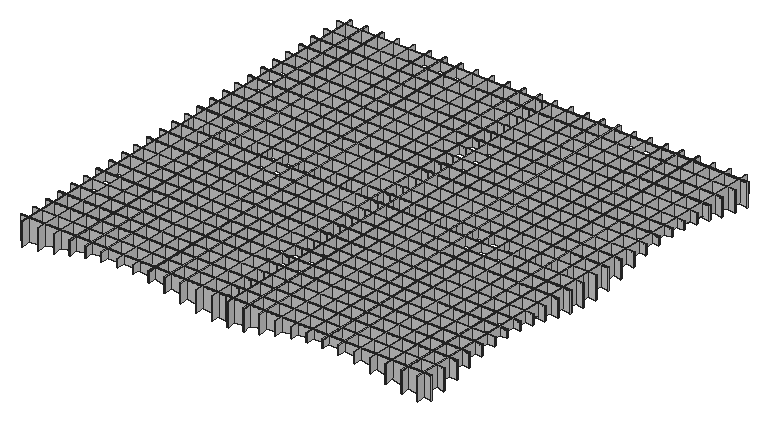
Revit family "CLD-WFL-002_RFA", category Modelos genéricos, Revit 2022 (continued)
Forms (in)
  Extrusion 244, solid
    sketch origin (0, 186.57267, 0) x (1, 0, 0) y (0, 0, 1)
      loop
        spline (0, 4.58891) -> (0.32561, 4.62796) -> (0.65129, 4.66617) -> (0.97702, 4.70353) -> (1.3028, 4.74004) -> (1.62862, 4.77569) -> (1.95447, 4.81048) -> (2.28035, 4.84439) -> (2.60624, 4.87743) -> (2.93213, 4.90957) -> (3.25803, 4.94083) -> (3.58391, 4.97119) -> (3.90978, 5.00064)
        spline (3.90978, 5.00064) -> (4.64427, 5.06081) -> (5.37851, 5.11675) -> (6.11244, 5.16838) -> (6.84597, 5.21566) -> (7.57904, 5.25851) -> (8.31157, 5.29688) -> (9.04348, 5.33072) -> (9.7747, 5.35995) -> (10.50516, 5.38452) -> (11.23478, 5.40437) -> (11.96349, 5.41944) -> (12.69122, 5.42966)
        spline (12.69122, 5.42966) -> (13.34952, 5.43128) -> (14.00673, 5.42829) -> (14.66285, 5.42076) -> (15.31792, 5.40886) -> (15.97202, 5.39278) -> (16.62518, 5.37269) -> (17.27747, 5.34877) -> (17.92894, 5.32119) -> (18.57965, 5.29014) -> (19.22966, 5.2558) -> (19.87902, 5.21833) -> (20.52778, 5.17793)
        spline (20.52778, 5.17793) -> (21.26115, 5.12722) -> (21.99402, 5.0737) -> (22.72645, 5.01759) -> (23.45851, 4.95908) -> (24.19025, 4.89838) -> (24.92176, 4.8357) -> (25.65308, 4.77124) -> (26.38429, 4.70521) -> (27.11544, 4.63782) -> (27.84661, 4.56926) -> (28.57785, 4.49975) -> (29.30922, 4.42949)
        spline (29.30922, 4.42949) -> (29.95995, 4.366) -> (30.61094, 4.30234) -> (31.26223, 4.2387) -> (31.91387, 4.17525) -> (32.56591, 4.11218) -> (33.21841, 4.04966) -> (33.87141, 3.98789) -> (34.52497, 3.92703) -> (35.17914, 3.86728) -> (35.83396, 3.80881) -> (36.48949, 3.75181) -> (37.14578, 3.69645)
        spline (37.14578, 3.69645) -> (37.87194, 3.63892) -> (38.59907, 3.58371) -> (39.32723, 3.53102) -> (40.05647, 3.48105) -> (40.78684, 3.43397) -> (41.51831, 3.38979) -> (42.25083, 3.34845) -> (42.98434, 3.30989) -> (43.7188, 3.27405) -> (44.45413, 3.24086) -> (45.19029, 3.21027) -> (45.92722, 3.18221)
        spline (45.92722, 3.18221) -> (46.57816, 3.16116) -> (47.22964, 3.14217) -> (47.88162, 3.12519) -> (48.53404, 3.11017) -> (49.18687, 3.09705) -> (49.84004, 3.08579) -> (50.49352, 3.07632) -> (51.14725, 3.06859) -> (51.80119, 3.06255) -> (52.45529, 3.05816) -> (53.1095, 3.05535) -> (53.76378, 3.05407)
        spline (53.76378, 3.05407) -> (54.49695, 3.0556) -> (55.23004, 3.05885) -> (55.96301, 3.06387) -> (56.6958, 3.07073) -> (57.42836, 3.07948) -> (58.16062, 3.09019) -> (58.89255, 3.10292) -> (59.62409, 3.11771) -> (60.35517, 3.13464) -> (61.08576, 3.15376) -> (61.81579, 3.17514) -> (62.54522, 3.19882)
        spline (62.54522, 3.19882) -> (63.20286, 3.22386) -> (63.85981, 3.25117) -> (64.51602, 3.28078) -> (65.17144, 3.31277) -> (65.82603, 3.34719) -> (66.47973, 3.38408) -> (67.1325, 3.42351) -> (67.78428, 3.46553) -> (68.43505, 3.51013) -> (69.08486, 3.55715) -> (69.73376, 3.60642) -> (70.38178, 3.65777)
        spline (70.38178, 3.65777) -> (71.1172, 3.71948) -> (71.85176, 3.78304) -> (72.58554, 3.84824) -> (73.31858, 3.91488) -> (74.05094, 3.98275) -> (74.78268, 4.05166) -> (75.51385, 4.12139) -> (76.24452, 4.19176) -> (76.97473, 4.26254) -> (77.70455, 4.33354) -> (78.43403, 4.40456) -> (79.16322, 4.47539)
        spline (79.16322, 4.47539) -> (79.80403, 4.53723) -> (80.44473, 4.59841) -> (81.08536, 4.65876) -> (81.72599, 4.7181) -> (82.36666, 4.77623) -> (83.00743, 4.83299) -> (83.64836, 4.88819) -> (84.28951, 4.94166) -> (84.93093, 4.9932) -> (85.57267, 5.04265) -> (86.21481, 5.08982) -> (86.85738, 5.13453)
        spline (86.85738, 5.13453) -> (87.59614, 5.18092) -> (88.33559, 5.22395) -> (89.07577, 5.26344) -> (89.81676, 5.29917) -> (90.55862, 5.33094) -> (91.30141, 5.35856) -> (92.04519, 5.38181) -> (92.79004, 5.4005) -> (93.53601, 5.41442) -> (94.28316, 5.42338) -> (95.03157, 5.42716) -> (95.78122, 5.4257)
        spline (95.78122, 5.4257) -> (96.43065, 5.41648) -> (97.08095, 5.40294) -> (97.73207, 5.38513) -> (98.38393, 5.36311) -> (99.03648, 5.33693) -> (99.68963, 5.30665) -> (100.34334, 5.27231) -> (100.99753, 5.23398) -> (101.65213, 5.19169) -> (102.30709, 5.14552) -> (102.96233, 5.09551) -> (103.61778, 5.04172)
        spline (103.61778, 5.04172) -> (103.98301, 5.00943) -> (104.34827, 4.97613) -> (104.71354, 4.94182) -> (105.07881, 4.90651) -> (105.44407, 4.8702) -> (105.80932, 4.83291) -> (106.17455, 4.79465) -> (106.53974, 4.75541) -> (106.90489, 4.71521) -> (107.26999, 4.67406) -> (107.63503, 4.63196) -> (108, 4.58891)
        line (108, 4.58891) -> (108, 11.82144)
    from -0.11811 to 0
  Extrusion 245, solid
    sketch origin (0, 186.69078, 0) x (1, 0, 0) y (0, 0, 1)
      loop
        line (108, 11.82144) -> (0, 11.82144) -> (0, 4.58891)
        spline (0, 4.58891) -> (0.32561, 4.62796) -> (0.65129, 4.66617) -> (0.97702, 4.70353) -> (1.3028, 4.74004) -> (1.62862, 4.77569) -> (1.95447, 4.81048) -> (2.28035, 4.84439) -> (2.60624, 4.87743) -> (2.93213, 4.90957) -> (3.25803, 4.94083) -> (3.58391, 4.97119) -> (3.90978, 5.00064)
        spline (3.90978, 5.00064) -> (4.64427, 5.06081) -> (5.37851, 5.11675) -> (6.11244, 5.16838) -> (6.84597, 5.21566) -> (7.57904, 5.25851) -> (8.31157, 5.29688) -> (9.04348, 5.33072) -> (9.7747, 5.35995) -> (10.50516, 5.38452) -> (11.23478, 5.40437) -> (11.96349, 5.41944) -> (12.69122, 5.42966)
        spline (12.69122, 5.42966) -> (13.34952, 5.43128) -> (14.00673, 5.42829) -> (14.66285, 5.42076) -> (15.31792, 5.40886) -> (15.97202, 5.39278) -> (16.62518, 5.37269) -> (17.27747, 5.34877) -> (17.92894, 5.32119) -> (18.57965, 5.29014) -> (19.22966, 5.2558) -> (19.87902, 5.21833) -> (20.52778, 5.17793)
        spline (20.52778, 5.17793) -> (21.26115, 5.12722) -> (21.99402, 5.0737) -> (22.72645, 5.01759) -> (23.45851, 4.95908) -> (24.19025, 4.89838) -> (24.92176, 4.8357) -> (25.65308, 4.77124) -> (26.38429, 4.70521) -> (27.11544, 4.63782) -> (27.84661, 4.56926) -> (28.57785, 4.49975) -> (29.30922, 4.42949)
        spline (29.30922, 4.42949) -> (29.95995, 4.366) -> (30.61094, 4.30234) -> (31.26223, 4.2387) -> (31.91387, 4.17525) -> (32.56591, 4.11218) -> (33.21841, 4.04966) -> (33.87141, 3.98789) -> (34.52497, 3.92703) -> (35.17914, 3.86728) -> (35.83396, 3.80881) -> (36.48949, 3.75181) -> (37.14578, 3.69645)
        spline (37.14578, 3.69645) -> (37.87194, 3.63892) -> (38.59907, 3.58371) -> (39.32723, 3.53102) -> (40.05647, 3.48105) -> (40.78684, 3.43397) -> (41.51831, 3.38979) -> (42.25083, 3.34845) -> (42.98434, 3.30989) -> (43.7188, 3.27405) -> (44.45413, 3.24086) -> (45.19029, 3.21027) -> (45.92722, 3.18221)
        spline (45.92722, 3.18221) -> (46.57816, 3.16116) -> (47.22964, 3.14217) -> (47.88162, 3.12519) -> (48.53404, 3.11017) -> (49.18687, 3.09705) -> (49.84004, 3.08579) -> (50.49352, 3.07632) -> (51.14725, 3.06859) -> (51.80119, 3.06255) -> (52.45529, 3.05816) -> (53.1095, 3.05535) -> (53.76378, 3.05407)
        spline (53.76378, 3.05407) -> (54.49695, 3.0556) -> (55.23004, 3.05885) -> (55.96301, 3.06387) -> (56.6958, 3.07073) -> (57.42836, 3.07948) -> (58.16062, 3.09019) -> (58.89255, 3.10292) -> (59.62409, 3.11771) -> (60.35517, 3.13464) -> (61.08576, 3.15376) -> (61.81579, 3.17514) -> (62.54522, 3.19882)
        spline (62.54522, 3.19882) -> (63.20286, 3.22386) -> (63.85981, 3.25117) -> (64.51602, 3.28078) -> (65.17144, 3.31277) -> (65.82603, 3.34719) -> (66.47973, 3.38408) -> (67.1325, 3.42351) -> (67.78428, 3.46553) -> (68.43505, 3.51013) -> (69.08486, 3.55715) -> (69.73376, 3.60642) -> (70.38178, 3.65777)
        spline (70.38178, 3.65777) -> (71.1172, 3.71948) -> (71.85176, 3.78304) -> (72.58554, 3.84824) -> (73.31858, 3.91488) -> (74.05094, 3.98275) -> (74.78268, 4.05166) -> (75.51385, 4.12139) -> (76.24452, 4.19176) -> (76.97473, 4.26254) -> (77.70455, 4.33354) -> (78.43403, 4.40456) -> (79.16322, 4.47539)
        spline (79.16322, 4.47539) -> (79.80403, 4.53723) -> (80.44473, 4.59841) -> (81.08536, 4.65876) -> (81.72599, 4.7181) -> (82.36666, 4.77623) -> (83.00743, 4.83299) -> (83.64836, 4.88819) -> (84.28951, 4.94166) -> (84.93093, 4.9932) -> (85.57267, 5.04265) -> (86.21481, 5.08982) -> (86.85738, 5.13453)
        spline (86.85738, 5.13453) -> (87.59614, 5.18092) -> (88.33559, 5.22395) -> (89.07577, 5.26344) -> (89.81676, 5.29917) -> (90.55862, 5.33094) -> (91.30141, 5.35856) -> (92.04519, 5.38181) -> (92.79004, 5.4005) -> (93.53601, 5.41442) -> (94.28316, 5.42338) -> (95.03157, 5.42716) -> (95.78122, 5.4257)
        spline (95.78122, 5.4257) -> (96.43065, 5.41648) -> (97.08095, 5.40294) -> (97.73207, 5.38513) -> (98.38393, 5.36311) -> (99.03648, 5.33693) -> (99.68963, 5.30665) -> (100.34334, 5.27231) -> (100.99753, 5.23398) -> (101.65213, 5.19169) -> (102.30709, 5.14552) -> (102.96233, 5.09551) -> (103.61778, 5.04172)
        spline (103.61778, 5.04172) -> (103.98301, 5.00943) -> (104.34827, 4.97613) -> (104.71354, 4.94182) -> (105.07881, 4.90651) -> (105.44407, 4.8702) -> (105.80932, 4.83291) -> (106.17455, 4.79465) -> (106.53974, 4.75541) -> (106.90489, 4.71521) -> (107.26999, 4.67406) -> (107.63503, 4.63196) -> (108, 4.58891)
        line (108, 4.58891) -> (108, 11.82144)
    from -0.47244 to 0
  Extrusion 246, solid
    sketch origin (0, 187.16322, 0) x (1, 0, 0) y (0, 0, 1)
      loop
        line (108, 11.82144) -> (0, 11.82144) -> (0, 4.58891)
        spline (0, 4.58891) -> (0.32561, 4.62796) -> (0.65129, 4.66617) -> (0.97702, 4.70353) -> (1.3028, 4.74004) -> (1.62862, 4.77569) -> (1.95447, 4.81048) -> (2.28035, 4.84439) -> (2.60624, 4.87743) -> (2.93213, 4.90957) -> (3.25803, 4.94083) -> (3.58391, 4.97119) -> (3.90978, 5.00064)
        spline (3.90978, 5.00064) -> (4.64427, 5.06081) -> (5.37851, 5.11675) -> (6.11244, 5.16838) -> (6.84597, 5.21566) -> (7.57904, 5.25851) -> (8.31157, 5.29688) -> (9.04348, 5.33072) -> (9.7747, 5.35995) -> (10.50516, 5.38452) -> (11.23478, 5.40437) -> (11.96349, 5.41944) -> (12.69122, 5.42966)
        spline (12.69122, 5.42966) -> (13.34952, 5.43128) -> (14.00673, 5.42829) -> (14.66285, 5.42076) -> (15.31792, 5.40886) -> (15.97202, 5.39278) -> (16.62518, 5.37269) -> (17.27747, 5.34877) -> (17.92894, 5.32119) -> (18.57965, 5.29014) -> (19.22966, 5.2558) -> (19.87902, 5.21833) -> (20.52778, 5.17793)
        spline (20.52778, 5.17793) -> (21.26115, 5.12722) -> (21.99402, 5.0737) -> (22.72645, 5.01759) -> (23.45851, 4.95908) -> (24.19025, 4.89838) -> (24.92176, 4.8357) -> (25.65308, 4.77124) -> (26.38429, 4.70521) -> (27.11544, 4.63782) -> (27.84661, 4.56926) -> (28.57785, 4.49975) -> (29.30922, 4.42949)
        spline (29.30922, 4.42949) -> (29.95995, 4.366) -> (30.61094, 4.30234) -> (31.26223, 4.2387) -> (31.91387, 4.17525) -> (32.56591, 4.11218) -> (33.21841, 4.04966) -> (33.87141, 3.98789) -> (34.52497, 3.92703) -> (35.17914, 3.86728) -> (35.83396, 3.80881) -> (36.48949, 3.75181) -> (37.14578, 3.69645)
        spline (37.14578, 3.69645) -> (37.87194, 3.63892) -> (38.59907, 3.58371) -> (39.32723, 3.53102) -> (40.05647, 3.48105) -> (40.78684, 3.43397) -> (41.51831, 3.38979) -> (42.25083, 3.34845) -> (42.98434, 3.30989) -> (43.7188, 3.27405) -> (44.45413, 3.24086) -> (45.19029, 3.21027) -> (45.92722, 3.18221)
        spline (45.92722, 3.18221) -> (46.57816, 3.16116) -> (47.22964, 3.14217) -> (47.88162, 3.12519) -> (48.53404, 3.11017) -> (49.18687, 3.09705) -> (49.84004, 3.08579) -> (50.49352, 3.07632) -> (51.14725, 3.06859) -> (51.80119, 3.06255) -> (52.45529, 3.05816) -> (53.1095, 3.05535) -> (53.76378, 3.05407)
        spline (53.76378, 3.05407) -> (54.49695, 3.0556) -> (55.23004, 3.05885) -> (55.96301, 3.06387) -> (56.6958, 3.07073) -> (57.42836, 3.07948) -> (58.16062, 3.09019) -> (58.89255, 3.10292) -> (59.62409, 3.11771) -> (60.35517, 3.13464) -> (61.08576, 3.15376) -> (61.81579, 3.17514) -> (62.54522, 3.19882)
        spline (62.54522, 3.19882) -> (63.20286, 3.22386) -> (63.85981, 3.25117) -> (64.51602, 3.28078) -> (65.17144, 3.31277) -> (65.82603, 3.34719) -> (66.47973, 3.38408) -> (67.1325, 3.42351) -> (67.78428, 3.46553) -> (68.43505, 3.51013) -> (69.08486, 3.55715) -> (69.73376, 3.60642) -> (70.38178, 3.65777)
        spline (70.38178, 3.65777) -> (71.1172, 3.71948) -> (71.85176, 3.78304) -> (72.58554, 3.84824) -> (73.31858, 3.91488) -> (74.05094, 3.98275) -> (74.78268, 4.05166) -> (75.51385, 4.12139) -> (76.24452, 4.19176) -> (76.97473, 4.26254) -> (77.70455, 4.33354) -> (78.43403, 4.40456) -> (79.16322, 4.47539)
        spline (79.16322, 4.47539) -> (79.80403, 4.53723) -> (80.44473, 4.59841) -> (81.08536, 4.65876) -> (81.72599, 4.7181) -> (82.36666, 4.77623) -> (83.00743, 4.83299) -> (83.64836, 4.88819) -> (84.28951, 4.94166) -> (84.93093, 4.9932) -> (85.57267, 5.04265) -> (86.21481, 5.08982) -> (86.85738, 5.13453)
        spline (86.85738, 5.13453) -> (87.59614, 5.18092) -> (88.33559, 5.22395) -> (89.07577, 5.26344) -> (89.81676, 5.29917) -> (90.55862, 5.33094) -> (91.30141, 5.35856) -> (92.04519, 5.38181) -> (92.79004, 5.4005) -> (93.53601, 5.41442) -> (94.28316, 5.42338) -> (95.03157, 5.42716) -> (95.78122, 5.4257)
        spline (95.78122, 5.4257) -> (96.43065, 5.41648) -> (97.08095, 5.40294) -> (97.73207, 5.38513) -> (98.38393, 5.36311) -> (99.03648, 5.33693) -> (99.68963, 5.30665) -> (100.34334, 5.27231) -> (100.99753, 5.23398) -> (101.65213, 5.19169) -> (102.30709, 5.14552) -> (102.96233, 5.09551) -> (103.61778, 5.04172)
        spline (103.61778, 5.04172) -> (103.98301, 5.00943) -> (104.34827, 4.97613) -> (104.71354, 4.94182) -> (105.07881, 4.90651) -> (105.44407, 4.8702) -> (105.80932, 4.83291) -> (106.17455, 4.79465) -> (106.53974, 4.75541) -> (106.90489, 4.71521) -> (107.26999, 4.67406) -> (107.63503, 4.63196) -> (108, 4.58891)
        line (108, 4.58891) -> (108, 11.82144)
    from -0.11811 to 0
  Extrusion 247, solid
    sketch origin (0, 194.88167, 0) x (1, 0, 0) y (0, 0, 1)
      loop
        line (108, 11.82144) -> (0, 11.82144) -> (0, 2.55729)
        spline (0, 2.55729) -> (0.32561, 2.61504) -> (0.65129, 2.67215) -> (0.97702, 2.72862) -> (1.3028, 2.78445) -> (1.62862, 2.83963) -> (1.95447, 2.89415) -> (2.28035, 2.94802) -> (2.60624, 3.00123) -> (2.93213, 3.05379) -> (3.25803, 3.10567) -> (3.58391, 3.15689) -> (3.90978, 3.20744)
        spline (3.90978, 3.20744) -> (4.64427, 3.31686) -> (5.37851, 3.42317) -> (6.11243, 3.52634) -> (6.84596, 3.62635) -> (7.57903, 3.72316) -> (8.31156, 3.81675) -> (9.04347, 3.90709) -> (9.77469, 3.99415) -> (10.50515, 4.07789) -> (11.23478, 4.1583) -> (11.96349, 4.23534) -> (12.69122, 4.30898)
        spline (12.69122, 4.30898) -> (13.34952, 4.37039) -> (14.00673, 4.4286) -> (14.66285, 4.48364) -> (15.31792, 4.53559) -> (15.97202, 4.58455) -> (16.62518, 4.63059) -> (17.27747, 4.67381) -> (17.92894, 4.71429) -> (18.57965, 4.75212) -> (19.22966, 4.78738) -> (19.87902, 4.82016) -> (20.52778, 4.85054)
        spline (20.52778, 4.85054) -> (21.26115, 4.88062) -> (21.99402, 4.90823) -> (22.72646, 4.93347) -> (23.45851, 4.95644) -> (24.19026, 4.97724) -> (24.92176, 4.99598) -> (25.65309, 5.01275) -> (26.38429, 5.02764) -> (27.11545, 5.04077) -> (27.84661, 5.05223) -> (28.57785, 5.06211) -> (29.30922, 5.07053)
        spline (29.30922, 5.07053) -> (29.95995, 5.07584) -> (30.61094, 5.08009) -> (31.26223, 5.08336) -> (31.91387, 5.08574) -> (32.56591, 5.08733) -> (33.21841, 5.0882) -> (33.87141, 5.08846) -> (34.52497, 5.08817) -> (35.17914, 5.08744) -> (35.83396, 5.08636) -> (36.48949, 5.085) -> (37.14578, 5.08346)
        spline (37.14578, 5.08346) -> (37.87194, 5.08165) -> (38.59907, 5.0799) -> (39.32723, 5.0783) -> (40.05647, 5.07696) -> (40.78684, 5.07594) -> (41.51831, 5.07527) -> (42.25083, 5.07491) -> (42.98434, 5.07483) -> (43.7188, 5.075) -> (44.45413, 5.07538) -> (45.19029, 5.07596) -> (45.92722, 5.0767)
        spline (45.92722, 5.0767) -> (46.57816, 5.07753) -> (47.22964, 5.07843) -> (47.88162, 5.07937) -> (48.53404, 5.08033) -> (49.18687, 5.08128) -> (49.84004, 5.0822) -> (50.49352, 5.08306) -> (51.14725, 5.08383) -> (51.80119, 5.0845) -> (52.45529, 5.08503) -> (53.1095, 5.0854) -> (53.76378, 5.08558)
        spline (53.76378, 5.08558) -> (54.49695, 5.08542) -> (55.23004, 5.08505) -> (55.96301, 5.0845) -> (56.6958, 5.0838) -> (57.42835, 5.08298) -> (58.16062, 5.08206) -> (58.89255, 5.08107) -> (59.62408, 5.08005) -> (60.35517, 5.07902) -> (61.08576, 5.07801) -> (61.81579, 5.07705) -> (62.54522, 5.07616)
        spline (62.54522, 5.07616) -> (63.20286, 5.07551) -> (63.85981, 5.075) -> (64.51602, 5.07466) -> (65.17144, 5.07452) -> (65.82603, 5.0746) -> (66.47973, 5.07493) -> (67.1325, 5.07554) -> (67.78428, 5.07645) -> (68.43505, 5.07766) -> (69.08486, 5.07909) -> (69.73376, 5.08066) -> (70.38178, 5.08229)
        spline (70.38178, 5.08229) -> (71.1172, 5.08386) -> (71.85177, 5.08523) -> (72.58555, 5.08629) -> (73.31859, 5.08695) -> (74.05095, 5.08712) -> (74.78269, 5.08668) -> (75.51386, 5.08555) -> (76.24453, 5.08362) -> (76.97474, 5.08079) -> (77.70455, 5.07697) -> (78.43403, 5.07206) -> (79.16322, 5.06596)
        spline (79.16322, 5.06596) -> (79.81589, 5.05858) -> (80.46845, 5.04989) -> (81.12094, 5.0398) -> (81.77342, 5.02821) -> (82.42595, 5.01505) -> (83.07858, 5.00022) -> (83.73137, 4.98363) -> (84.38439, 4.9652) -> (85.03768, 4.94483) -> (85.6913, 4.92244) -> (86.34531, 4.89793) -> (86.99978, 4.87123)
        spline (86.99978, 4.87123) -> (87.72677, 4.83707) -> (88.45442, 4.80022) -> (89.18281, 4.7606) -> (89.91198, 4.7181) -> (90.642, 4.67263) -> (91.37294, 4.62408) -> (92.10486, 4.57237) -> (92.83781, 4.5174) -> (93.57187, 4.45907) -> (94.3071, 4.39728) -> (95.04355, 4.33194) -> (95.78122, 4.26301)
        spline (95.78122, 4.26301) -> (96.43065, 4.19725) -> (97.08095, 4.12847) -> (97.73207, 4.05667) -> (98.38393, 3.9819) -> (99.03648, 3.90417) -> (99.68963, 3.82352) -> (100.34334, 3.73996) -> (100.99753, 3.65352) -> (101.65213, 3.56424) -> (102.30709, 3.47213) -> (102.96233, 3.37722) -> (103.61778, 3.27954)
        spline (103.61778, 3.27954) -> (103.98302, 3.22342) -> (104.34828, 3.16655) -> (104.71355, 3.10893) -> (105.07882, 3.05057) -> (105.44409, 2.99146) -> (105.80934, 2.93162) -> (106.17456, 2.87105) -> (106.53976, 2.80974) -> (106.9049, 2.74771) -> (107.27, 2.68496) -> (107.63504, 2.62148) -> (108, 2.55729)
        line (108, 2.55729) -> (108, 11.82144)
    from -0.11811 to 0
  Extrusion 248, solid
    sketch origin (0, 194.99978, 0) x (1, 0, 0) y (0, 0, 1)
      loop
        line (108, 11.82144) -> (0, 11.82144) -> (0, 2.55729)
        spline (0, 2.55729) -> (0.32561, 2.61504) -> (0.65129, 2.67215) -> (0.97702, 2.72862) -> (1.3028, 2.78445) -> (1.62862, 2.83963) -> (1.95447, 2.89415) -> (2.28035, 2.94802) -> (2.60624, 3.00123) -> (2.93213, 3.05379) -> (3.25803, 3.10567) -> (3.58391, 3.15689) -> (3.90978, 3.20744)
        spline (3.90978, 3.20744) -> (4.64427, 3.31686) -> (5.37851, 3.42317) -> (6.11243, 3.52634) -> (6.84596, 3.62635) -> (7.57903, 3.72316) -> (8.31156, 3.81675) -> (9.04347, 3.90709) -> (9.77469, 3.99415) -> (10.50515, 4.07789) -> (11.23478, 4.1583) -> (11.96349, 4.23534) -> (12.69122, 4.30898)
        spline (12.69122, 4.30898) -> (13.34952, 4.37039) -> (14.00673, 4.4286) -> (14.66285, 4.48364) -> (15.31792, 4.53559) -> (15.97202, 4.58455) -> (16.62518, 4.63059) -> (17.27747, 4.67381) -> (17.92894, 4.71429) -> (18.57965, 4.75212) -> (19.22966, 4.78738) -> (19.87902, 4.82016) -> (20.52778, 4.85054)
        spline (20.52778, 4.85054) -> (21.26115, 4.88062) -> (21.99402, 4.90823) -> (22.72646, 4.93347) -> (23.45851, 4.95644) -> (24.19026, 4.97724) -> (24.92176, 4.99598) -> (25.65309, 5.01275) -> (26.38429, 5.02764) -> (27.11545, 5.04077) -> (27.84661, 5.05223) -> (28.57785, 5.06211) -> (29.30922, 5.07053)
        spline (29.30922, 5.07053) -> (29.95995, 5.07584) -> (30.61094, 5.08009) -> (31.26223, 5.08336) -> (31.91387, 5.08574) -> (32.56591, 5.08733) -> (33.21841, 5.0882) -> (33.87141, 5.08846) -> (34.52497, 5.08817) -> (35.17914, 5.08744) -> (35.83396, 5.08636) -> (36.48949, 5.085) -> (37.14578, 5.08346)
        spline (37.14578, 5.08346) -> (37.87194, 5.08165) -> (38.59907, 5.0799) -> (39.32723, 5.0783) -> (40.05647, 5.07696) -> (40.78684, 5.07594) -> (41.51831, 5.07527) -> (42.25083, 5.07491) -> (42.98434, 5.07483) -> (43.7188, 5.075) -> (44.45413, 5.07538) -> (45.19029, 5.07596) -> (45.92722, 5.0767)
        spline (45.92722, 5.0767) -> (46.57816, 5.07753) -> (47.22964, 5.07843) -> (47.88162, 5.07937) -> (48.53404, 5.08033) -> (49.18687, 5.08128) -> (49.84004, 5.0822) -> (50.49352, 5.08306) -> (51.14725, 5.08383) -> (51.80119, 5.0845) -> (52.45529, 5.08503) -> (53.1095, 5.0854) -> (53.76378, 5.08558)
        spline (53.76378, 5.08558) -> (54.49695, 5.08542) -> (55.23004, 5.08505) -> (55.96301, 5.0845) -> (56.6958, 5.0838) -> (57.42835, 5.08298) -> (58.16062, 5.08206) -> (58.89255, 5.08107) -> (59.62408, 5.08005) -> (60.35517, 5.07902) -> (61.08576, 5.07801) -> (61.81579, 5.07705) -> (62.54522, 5.07616)
        spline (62.54522, 5.07616) -> (63.20286, 5.07551) -> (63.85981, 5.075) -> (64.51602, 5.07466) -> (65.17144, 5.07452) -> (65.82603, 5.0746) -> (66.47973, 5.07493) -> (67.1325, 5.07554) -> (67.78428, 5.07645) -> (68.43505, 5.07766) -> (69.08486, 5.07909) -> (69.73376, 5.08066) -> (70.38178, 5.08229)
        spline (70.38178, 5.08229) -> (71.1172, 5.08386) -> (71.85177, 5.08523) -> (72.58555, 5.08629) -> (73.31859, 5.08695) -> (74.05095, 5.08712) -> (74.78269, 5.08668) -> (75.51386, 5.08555) -> (76.24453, 5.08362) -> (76.97474, 5.08079) -> (77.70455, 5.07697) -> (78.43403, 5.07206) -> (79.16322, 5.06596)
        spline (79.16322, 5.06596) -> (79.81589, 5.05858) -> (80.46845, 5.04989) -> (81.12094, 5.0398) -> (81.77342, 5.02821) -> (82.42595, 5.01505) -> (83.07858, 5.00022) -> (83.73137, 4.98363) -> (84.38439, 4.9652) -> (85.03768, 4.94483) -> (85.6913, 4.92244) -> (86.34531, 4.89793) -> (86.99978, 4.87123)
        spline (86.99978, 4.87123) -> (87.72677, 4.83707) -> (88.45442, 4.80022) -> (89.18281, 4.7606) -> (89.91198, 4.7181) -> (90.642, 4.67263) -> (91.37294, 4.62408) -> (92.10486, 4.57237) -> (92.83781, 4.5174) -> (93.57187, 4.45907) -> (94.3071, 4.39728) -> (95.04355, 4.33194) -> (95.78122, 4.26301)
        spline (95.78122, 4.26301) -> (96.43065, 4.19725) -> (97.08095, 4.12847) -> (97.73207, 4.05667) -> (98.38393, 3.9819) -> (99.03648, 3.90417) -> (99.68963, 3.82352) -> (100.34334, 3.73996) -> (100.99753, 3.65352) -> (101.65213, 3.56424) -> (102.30709, 3.47213) -> (102.96233, 3.37722) -> (103.61778, 3.27954)
        spline (103.61778, 3.27954) -> (103.98302, 3.22342) -> (104.34828, 3.16655) -> (104.71355, 3.10893) -> (105.07882, 3.05057) -> (105.44409, 2.99146) -> (105.80934, 2.93162) -> (106.17456, 2.87105) -> (106.53976, 2.80974) -> (106.9049, 2.74771) -> (107.27, 2.68496) -> (107.63504, 2.62148) -> (108, 2.55729)
        line (108, 2.55729) -> (108, 11.82144)
    from -0.47244 to 0
  Extrusion 249, solid
    sketch origin (0, 195.47222, 0) x (1, 0, 0) y (0, 0, 1)
      loop
        line (108, 11.82144) -> (0, 11.82144) -> (0, 2.55729)
        spline (0, 2.55729) -> (0.32561, 2.61504) -> (0.65129, 2.67215) -> (0.97702, 2.72862) -> (1.3028, 2.78445) -> (1.62862, 2.83963) -> (1.95447, 2.89415) -> (2.28035, 2.94802) -> (2.60624, 3.00123) -> (2.93213, 3.05379) -> (3.25803, 3.10567) -> (3.58391, 3.15689) -> (3.90978, 3.20744)
        spline (3.90978, 3.20744) -> (4.64427, 3.31686) -> (5.37851, 3.42317) -> (6.11243, 3.52634) -> (6.84596, 3.62635) -> (7.57903, 3.72316) -> (8.31156, 3.81675) -> (9.04347, 3.90709) -> (9.77469, 3.99415) -> (10.50515, 4.07789) -> (11.23478, 4.1583) -> (11.96349, 4.23534) -> (12.69122, 4.30898)
        spline (12.69122, 4.30898) -> (13.34952, 4.37039) -> (14.00673, 4.4286) -> (14.66285, 4.48364) -> (15.31792, 4.53559) -> (15.97202, 4.58455) -> (16.62518, 4.63059) -> (17.27747, 4.67381) -> (17.92894, 4.71429) -> (18.57965, 4.75212) -> (19.22966, 4.78738) -> (19.87902, 4.82016) -> (20.52778, 4.85054)
        spline (20.52778, 4.85054) -> (21.26115, 4.88062) -> (21.99402, 4.90823) -> (22.72646, 4.93347) -> (23.45851, 4.95644) -> (24.19026, 4.97724) -> (24.92176, 4.99598) -> (25.65309, 5.01275) -> (26.38429, 5.02764) -> (27.11545, 5.04077) -> (27.84661, 5.05223) -> (28.57785, 5.06211) -> (29.30922, 5.07053)
        spline (29.30922, 5.07053) -> (29.95995, 5.07584) -> (30.61094, 5.08009) -> (31.26223, 5.08336) -> (31.91387, 5.08574) -> (32.56591, 5.08733) -> (33.21841, 5.0882) -> (33.87141, 5.08846) -> (34.52497, 5.08817) -> (35.17914, 5.08744) -> (35.83396, 5.08636) -> (36.48949, 5.085) -> (37.14578, 5.08346)
        spline (37.14578, 5.08346) -> (37.87194, 5.08165) -> (38.59907, 5.0799) -> (39.32723, 5.0783) -> (40.05647, 5.07696) -> (40.78684, 5.07594) -> (41.51831, 5.07527) -> (42.25083, 5.07491) -> (42.98434, 5.07483) -> (43.7188, 5.075) -> (44.45413, 5.07538) -> (45.19029, 5.07596) -> (45.92722, 5.0767)
        spline (45.92722, 5.0767) -> (46.57816, 5.07753) -> (47.22964, 5.07843) -> (47.88162, 5.07937) -> (48.53404, 5.08033) -> (49.18687, 5.08128) -> (49.84004, 5.0822) -> (50.49352, 5.08306) -> (51.14725, 5.08383) -> (51.80119, 5.0845) -> (52.45529, 5.08503) -> (53.1095, 5.0854) -> (53.76378, 5.08558)
        spline (53.76378, 5.08558) -> (54.49695, 5.08542) -> (55.23004, 5.08505) -> (55.96301, 5.0845) -> (56.6958, 5.0838) -> (57.42835, 5.08298) -> (58.16062, 5.08206) -> (58.89255, 5.08107) -> (59.62408, 5.08005) -> (60.35517, 5.07902) -> (61.08576, 5.07801) -> (61.81579, 5.07705) -> (62.54522, 5.07616)
        spline (62.54522, 5.07616) -> (63.20286, 5.07551) -> (63.85981, 5.075) -> (64.51602, 5.07466) -> (65.17144, 5.07452) -> (65.82603, 5.0746) -> (66.47973, 5.07493) -> (67.1325, 5.07554) -> (67.78428, 5.07645) -> (68.43505, 5.07766) -> (69.08486, 5.07909) -> (69.73376, 5.08066) -> (70.38178, 5.08229)
        spline (70.38178, 5.08229) -> (71.1172, 5.08386) -> (71.85177, 5.08523) -> (72.58555, 5.08629) -> (73.31859, 5.08695) -> (74.05095, 5.08712) -> (74.78269, 5.08668) -> (75.51386, 5.08555) -> (76.24453, 5.08362) -> (76.97474, 5.08079) -> (77.70455, 5.07697) -> (78.43403, 5.07206) -> (79.16322, 5.06596)
        spline (79.16322, 5.06596) -> (79.81589, 5.05858) -> (80.46845, 5.04989) -> (81.12094, 5.0398) -> (81.77342, 5.02821) -> (82.42595, 5.01505) -> (83.07858, 5.00022) -> (83.73137, 4.98363) -> (84.38439, 4.9652) -> (85.03768, 4.94483) -> (85.6913, 4.92244) -> (86.34531, 4.89793) -> (86.99978, 4.87123)
        spline (86.99978, 4.87123) -> (87.72677, 4.83707) -> (88.45442, 4.80022) -> (89.18281, 4.7606) -> (89.91198, 4.7181) -> (90.642, 4.67263) -> (91.37294, 4.62408) -> (92.10486, 4.57237) -> (92.83781, 4.5174) -> (93.57187, 4.45907) -> (94.3071, 4.39728) -> (95.04355, 4.33194) -> (95.78122, 4.26301)
        spline (95.78122, 4.26301) -> (96.43065, 4.19725) -> (97.08095, 4.12847) -> (97.73207, 4.05667) -> (98.38393, 3.9819) -> (99.03648, 3.90417) -> (99.68963, 3.82352) -> (100.34334, 3.73996) -> (100.99753, 3.65352) -> (101.65213, 3.56424) -> (102.30709, 3.47213) -> (102.96233, 3.37722) -> (103.61778, 3.27954)
        spline (103.61778, 3.27954) -> (103.98302, 3.22342) -> (104.34828, 3.16655) -> (104.71355, 3.10893) -> (105.07882, 3.05057) -> (105.44409, 2.99146) -> (105.80934, 2.93162) -> (106.17456, 2.87105) -> (106.53976, 2.80974) -> (106.9049, 2.74771) -> (107.27, 2.68496) -> (107.63504, 2.62148) -> (108, 2.55729)
        line (108, 2.55729) -> (108, 11.82144)
    from -0.11811 to 0
  Extrusion 250, solid
    sketch origin (0, 203.19067, 0) x (1, 0, 0) y (0, 0, 1)
      loop
        line (108, 11.82144) -> (0, 11.82144) -> (0, 0.88375)
        spline (0, 0.88375) -> (0.32561, 0.94348) -> (0.65129, 1.00296) -> (0.97702, 1.06219) -> (1.3028, 1.12116) -> (1.62862, 1.1799) -> (1.95447, 1.23838) -> (2.28035, 1.29662) -> (2.60624, 1.35462) -> (2.93213, 1.41237) -> (3.25803, 1.46988) -> (3.58391, 1.52715) -> (3.90978, 1.58418)
        spline (3.90978, 1.58418) -> (4.64426, 1.71122) -> (5.37851, 1.8372) -> (6.11243, 1.96212) -> (6.84596, 2.086) -> (7.57903, 2.20885) -> (8.31155, 2.33067) -> (9.04347, 2.45149) -> (9.77469, 2.57131) -> (10.50515, 2.69014) -> (11.23478, 2.80798) -> (11.96349, 2.92486) -> (12.69122, 3.04079)
        spline (12.69122, 3.04079) -> (13.34952, 3.14441) -> (14.00673, 3.24717) -> (14.66285, 3.34906) -> (15.31792, 3.45005) -> (15.97202, 3.55011) -> (16.62518, 3.64921) -> (17.27747, 3.74732) -> (17.92894, 3.8444) -> (18.57965, 3.94043) -> (19.22966, 4.03537) -> (19.87902, 4.12919) -> (20.52778, 4.22187)
        spline (20.52778, 4.22187) -> (21.26116, 4.32437) -> (21.99403, 4.42546) -> (22.72646, 4.52511) -> (23.45852, 4.62328) -> (24.19027, 4.71993) -> (24.92177, 4.81503) -> (25.6531, 4.90854) -> (26.3843, 5.00042) -> (27.11545, 5.09065) -> (27.84662, 5.17918) -> (28.57786, 5.26598) -> (29.30922, 5.35101)
        spline (29.30922, 5.35101) -> (29.95995, 5.42391) -> (30.61094, 5.49516) -> (31.26223, 5.56472) -> (31.91387, 5.63257) -> (32.56591, 5.69867) -> (33.21841, 5.763) -> (33.87141, 5.82551) -> (34.52497, 5.88618) -> (35.17914, 5.94498) -> (35.83396, 6.00187) -> (36.48949, 6.05683) -> (37.14578, 6.10982)
        spline (37.14578, 6.10982) -> (37.87194, 6.16453) -> (38.59907, 6.21702) -> (39.32723, 6.26723) -> (40.05647, 6.31514) -> (40.78684, 6.36072) -> (41.51831, 6.40397) -> (42.25083, 6.44489) -> (42.98434, 6.4835) -> (43.71879, 6.51981) -> (44.45413, 6.55383) -> (45.19029, 6.58557) -> (45.92722, 6.61503)
        spline (45.92722, 6.61503) -> (46.57816, 6.6376) -> (47.22964, 6.65822) -> (47.88162, 6.67689) -> (48.53404, 6.69363) -> (49.18687, 6.70845) -> (49.84004, 6.72134) -> (50.49352, 6.73234) -> (51.14725, 6.74143) -> (51.80119, 6.74863) -> (52.45529, 6.75396) -> (53.1095, 6.75742) -> (53.76378, 6.75901)
        spline (53.76378, 6.75901) -> (54.49695, 6.7572) -> (55.23004, 6.75331) -> (55.96301, 6.74732) -> (56.6958, 6.73922) -> (57.42835, 6.72901) -> (58.16062, 6.71667) -> (58.89255, 6.7022) -> (59.62408, 6.68557) -> (60.35517, 6.66679) -> (61.08576, 6.64585) -> (61.81579, 6.62272) -> (62.54522, 6.59741)
        spline (62.54522, 6.59741) -> (63.20286, 6.57112) -> (63.85981, 6.54281) -> (64.51602, 6.51247) -> (65.17144, 6.48008) -> (65.82603, 6.44563) -> (66.47973, 6.40912) -> (67.1325, 6.37054) -> (67.78428, 6.32988) -> (68.43505, 6.28713) -> (69.08486, 6.24233) -> (69.73376, 6.19551) -> (70.38178, 6.14669)
        spline (70.38178, 6.14669) -> (71.1172, 6.08737) -> (71.85177, 6.02584) -> (72.58554, 5.96214) -> (73.31858, 5.89631) -> (74.05094, 5.82838) -> (74.78268, 5.75838) -> (75.51386, 5.68636) -> (76.24452, 5.61234) -> (76.97473, 5.53637) -> (77.70455, 5.45847) -> (78.43403, 5.37869) -> (79.16322, 5.29705)
        spline (79.16322, 5.29705) -> (79.81589, 5.22111) -> (80.46845, 5.14359) -> (81.12094, 5.06452) -> (81.77342, 4.98394) -> (82.42595, 4.90188) -> (83.07858, 4.81837) -> (83.73137, 4.73344) -> (84.38439, 4.64713) -> (85.03768, 4.55947) -> (85.6913, 4.47048) -> (86.34531, 4.3802) -> (86.99978, 4.28866)
        spline (86.99978, 4.28866) -> (87.72677, 4.18488) -> (88.45442, 4.07981) -> (89.1828, 3.97349) -> (89.91197, 3.86595) -> (90.64199, 3.75723) -> (91.37293, 3.64737) -> (92.10485, 3.53639) -> (92.8378, 3.42433) -> (93.57186, 3.31123) -> (94.30709, 3.19712) -> (95.04354, 3.08203) -> (95.78122, 2.96599)
        spline (95.78122, 2.96599) -> (96.4698, 2.85601) -> (97.15931, 2.74512) -> (97.84968, 2.63332) -> (98.54085, 2.52058) -> (99.23273, 2.40692) -> (99.92527, 2.2923) -> (100.61838, 2.17673) -> (101.31201, 2.06019) -> (102.00608, 1.94268) -> (102.70052, 1.82418) -> (103.39525, 1.70469) -> (104.09022, 1.58418)
        spline (104.09022, 1.58418) -> (104.41609, 1.52715) -> (104.74197, 1.46988) -> (105.06787, 1.41237) -> (105.39376, 1.35462) -> (105.71965, 1.29662) -> (106.04553, 1.23838) -> (106.37138, 1.1799) -> (106.6972, 1.12116) -> (107.02298, 1.06219) -> (107.34871, 1.00296) -> (107.67439, 0.94348) -> (108, 0.88375)
        line (108, 0.88375) -> (108, 11.82144)
    from -0.11811 to 0
  Extrusion 251, solid
    sketch origin (0, 203.66311, 0) x (1, 0, 0) y (0, 0, 1)
      loop
        line (108, 11.82144) -> (0, 11.82144) -> (0, 0.88375)
        spline (0, 0.88375) -> (0.32561, 0.94348) -> (0.65129, 1.00296) -> (0.97702, 1.06219) -> (1.3028, 1.12116) -> (1.62862, 1.1799) -> (1.95447, 1.23838) -> (2.28035, 1.29662) -> (2.60624, 1.35462) -> (2.93213, 1.41237) -> (3.25803, 1.46988) -> (3.58391, 1.52715) -> (3.90978, 1.58418)
        spline (3.90978, 1.58418) -> (4.64426, 1.71122) -> (5.37851, 1.8372) -> (6.11243, 1.96212) -> (6.84596, 2.086) -> (7.57903, 2.20885) -> (8.31155, 2.33067) -> (9.04347, 2.45149) -> (9.77469, 2.57131) -> (10.50515, 2.69014) -> (11.23478, 2.80798) -> (11.96349, 2.92486) -> (12.69122, 3.04079)
        spline (12.69122, 3.04079) -> (13.34952, 3.14441) -> (14.00673, 3.24717) -> (14.66285, 3.34906) -> (15.31792, 3.45005) -> (15.97202, 3.55011) -> (16.62518, 3.64921) -> (17.27747, 3.74732) -> (17.92894, 3.8444) -> (18.57965, 3.94043) -> (19.22966, 4.03537) -> (19.87902, 4.12919) -> (20.52778, 4.22187)
        spline (20.52778, 4.22187) -> (21.26116, 4.32437) -> (21.99403, 4.42546) -> (22.72646, 4.52511) -> (23.45852, 4.62328) -> (24.19027, 4.71993) -> (24.92177, 4.81503) -> (25.6531, 4.90854) -> (26.3843, 5.00042) -> (27.11545, 5.09065) -> (27.84662, 5.17918) -> (28.57786, 5.26598) -> (29.30922, 5.35101)
        spline (29.30922, 5.35101) -> (29.95995, 5.42391) -> (30.61094, 5.49516) -> (31.26223, 5.56472) -> (31.91387, 5.63257) -> (32.56591, 5.69867) -> (33.21841, 5.763) -> (33.87141, 5.82551) -> (34.52497, 5.88618) -> (35.17914, 5.94498) -> (35.83396, 6.00187) -> (36.48949, 6.05683) -> (37.14578, 6.10982)
        spline (37.14578, 6.10982) -> (37.87194, 6.16453) -> (38.59907, 6.21702) -> (39.32723, 6.26723) -> (40.05647, 6.31514) -> (40.78684, 6.36072) -> (41.51831, 6.40397) -> (42.25083, 6.44489) -> (42.98434, 6.4835) -> (43.71879, 6.51981) -> (44.45413, 6.55383) -> (45.19029, 6.58557) -> (45.92722, 6.61503)
        spline (45.92722, 6.61503) -> (46.57816, 6.6376) -> (47.22964, 6.65822) -> (47.88162, 6.67689) -> (48.53404, 6.69363) -> (49.18687, 6.70845) -> (49.84004, 6.72134) -> (50.49352, 6.73234) -> (51.14725, 6.74143) -> (51.80119, 6.74863) -> (52.45529, 6.75396) -> (53.1095, 6.75742) -> (53.76378, 6.75901)
        spline (53.76378, 6.75901) -> (54.49695, 6.7572) -> (55.23004, 6.75331) -> (55.96301, 6.74732) -> (56.6958, 6.73922) -> (57.42835, 6.72901) -> (58.16062, 6.71667) -> (58.89255, 6.7022) -> (59.62408, 6.68557) -> (60.35517, 6.66679) -> (61.08576, 6.64585) -> (61.81579, 6.62272) -> (62.54522, 6.59741)
        spline (62.54522, 6.59741) -> (63.20286, 6.57112) -> (63.85981, 6.54281) -> (64.51602, 6.51247) -> (65.17144, 6.48008) -> (65.82603, 6.44563) -> (66.47973, 6.40912) -> (67.1325, 6.37054) -> (67.78428, 6.32988) -> (68.43505, 6.28713) -> (69.08486, 6.24233) -> (69.73376, 6.19551) -> (70.38178, 6.14669)
        spline (70.38178, 6.14669) -> (71.1172, 6.08737) -> (71.85177, 6.02584) -> (72.58554, 5.96214) -> (73.31858, 5.89631) -> (74.05094, 5.82838) -> (74.78268, 5.75838) -> (75.51386, 5.68636) -> (76.24452, 5.61234) -> (76.97473, 5.53637) -> (77.70455, 5.45847) -> (78.43403, 5.37869) -> (79.16322, 5.29705)
        spline (79.16322, 5.29705) -> (79.81589, 5.22111) -> (80.46845, 5.14359) -> (81.12094, 5.06452) -> (81.77342, 4.98394) -> (82.42595, 4.90188) -> (83.07858, 4.81837) -> (83.73137, 4.73344) -> (84.38439, 4.64713) -> (85.03768, 4.55947) -> (85.6913, 4.47048) -> (86.34531, 4.3802) -> (86.99978, 4.28866)
        spline (86.99978, 4.28866) -> (87.72677, 4.18488) -> (88.45442, 4.07981) -> (89.1828, 3.97349) -> (89.91197, 3.86595) -> (90.64199, 3.75723) -> (91.37293, 3.64737) -> (92.10485, 3.53639) -> (92.8378, 3.42433) -> (93.57186, 3.31123) -> (94.30709, 3.19712) -> (95.04354, 3.08203) -> (95.78122, 2.96599)
        spline (95.78122, 2.96599) -> (96.4698, 2.85601) -> (97.15931, 2.74512) -> (97.84968, 2.63332) -> (98.54085, 2.52058) -> (99.23273, 2.40692) -> (99.92527, 2.2923) -> (100.61838, 2.17673) -> (101.31201, 2.06019) -> (102.00608, 1.94268) -> (102.70052, 1.82418) -> (103.39525, 1.70469) -> (104.09022, 1.58418)
        spline (104.09022, 1.58418) -> (104.41609, 1.52715) -> (104.74197, 1.46988) -> (105.06787, 1.41237) -> (105.39376, 1.35462) -> (105.71965, 1.29662) -> (106.04553, 1.23838) -> (106.37138, 1.1799) -> (106.6972, 1.12116) -> (107.02298, 1.06219) -> (107.34871, 1.00296) -> (107.67439, 0.94348) -> (108, 0.88375)
        line (108, 0.88375) -> (108, 11.82144)
    from -0.11811 to 0.35433
  Extrusion 252, solid
    sketch origin (0, 203.78122, 0) x (1, 0, 0) y (0, 0, 1)
      loop
        line (108, 11.82144) -> (0, 11.82144) -> (0, 0.88375)
        spline (0, 0.88375) -> (0.32561, 0.94348) -> (0.65129, 1.00296) -> (0.97702, 1.06219) -> (1.3028, 1.12116) -> (1.62862, 1.1799) -> (1.95447, 1.23838) -> (2.28035, 1.29662) -> (2.60624, 1.35462) -> (2.93213, 1.41237) -> (3.25803, 1.46988) -> (3.58391, 1.52715) -> (3.90978, 1.58418)
        spline (3.90978, 1.58418) -> (4.64426, 1.71122) -> (5.37851, 1.8372) -> (6.11243, 1.96212) -> (6.84596, 2.086) -> (7.57903, 2.20885) -> (8.31155, 2.33067) -> (9.04347, 2.45149) -> (9.77469, 2.57131) -> (10.50515, 2.69014) -> (11.23478, 2.80798) -> (11.96349, 2.92486) -> (12.69122, 3.04079)
        spline (12.69122, 3.04079) -> (13.34952, 3.14441) -> (14.00673, 3.24717) -> (14.66285, 3.34906) -> (15.31792, 3.45005) -> (15.97202, 3.55011) -> (16.62518, 3.64921) -> (17.27747, 3.74732) -> (17.92894, 3.8444) -> (18.57965, 3.94043) -> (19.22966, 4.03537) -> (19.87902, 4.12919) -> (20.52778, 4.22187)
        spline (20.52778, 4.22187) -> (21.26116, 4.32437) -> (21.99403, 4.42546) -> (22.72646, 4.52511) -> (23.45852, 4.62328) -> (24.19027, 4.71993) -> (24.92177, 4.81503) -> (25.6531, 4.90854) -> (26.3843, 5.00042) -> (27.11545, 5.09065) -> (27.84662, 5.17918) -> (28.57786, 5.26598) -> (29.30922, 5.35101)
        spline (29.30922, 5.35101) -> (29.95995, 5.42391) -> (30.61094, 5.49516) -> (31.26223, 5.56472) -> (31.91387, 5.63257) -> (32.56591, 5.69867) -> (33.21841, 5.763) -> (33.87141, 5.82551) -> (34.52497, 5.88618) -> (35.17914, 5.94498) -> (35.83396, 6.00187) -> (36.48949, 6.05683) -> (37.14578, 6.10982)
        spline (37.14578, 6.10982) -> (37.87194, 6.16453) -> (38.59907, 6.21702) -> (39.32723, 6.26723) -> (40.05647, 6.31514) -> (40.78684, 6.36072) -> (41.51831, 6.40397) -> (42.25083, 6.44489) -> (42.98434, 6.4835) -> (43.71879, 6.51981) -> (44.45413, 6.55383) -> (45.19029, 6.58557) -> (45.92722, 6.61503)
        spline (45.92722, 6.61503) -> (46.57816, 6.6376) -> (47.22964, 6.65822) -> (47.88162, 6.67689) -> (48.53404, 6.69363) -> (49.18687, 6.70845) -> (49.84004, 6.72134) -> (50.49352, 6.73234) -> (51.14725, 6.74143) -> (51.80119, 6.74863) -> (52.45529, 6.75396) -> (53.1095, 6.75742) -> (53.76378, 6.75901)
        spline (53.76378, 6.75901) -> (54.49695, 6.7572) -> (55.23004, 6.75331) -> (55.96301, 6.74732) -> (56.6958, 6.73922) -> (57.42835, 6.72901) -> (58.16062, 6.71667) -> (58.89255, 6.7022) -> (59.62408, 6.68557) -> (60.35517, 6.66679) -> (61.08576, 6.64585) -> (61.81579, 6.62272) -> (62.54522, 6.59741)
        spline (62.54522, 6.59741) -> (63.20286, 6.57112) -> (63.85981, 6.54281) -> (64.51602, 6.51247) -> (65.17144, 6.48008) -> (65.82603, 6.44563) -> (66.47973, 6.40912) -> (67.1325, 6.37054) -> (67.78428, 6.32988) -> (68.43505, 6.28713) -> (69.08486, 6.24233) -> (69.73376, 6.19551) -> (70.38178, 6.14669)
        spline (70.38178, 6.14669) -> (71.1172, 6.08737) -> (71.85177, 6.02584) -> (72.58554, 5.96214) -> (73.31858, 5.89631) -> (74.05094, 5.82838) -> (74.78268, 5.75838) -> (75.51386, 5.68636) -> (76.24452, 5.61234) -> (76.97473, 5.53637) -> (77.70455, 5.45847) -> (78.43403, 5.37869) -> (79.16322, 5.29705)
        spline (79.16322, 5.29705) -> (79.81589, 5.22111) -> (80.46845, 5.14359) -> (81.12094, 5.06452) -> (81.77342, 4.98394) -> (82.42595, 4.90188) -> (83.07858, 4.81837) -> (83.73137, 4.73344) -> (84.38439, 4.64713) -> (85.03768, 4.55947) -> (85.6913, 4.47048) -> (86.34531, 4.3802) -> (86.99978, 4.28866)
        spline (86.99978, 4.28866) -> (87.72677, 4.18488) -> (88.45442, 4.07981) -> (89.1828, 3.97349) -> (89.91197, 3.86595) -> (90.64199, 3.75723) -> (91.37293, 3.64737) -> (92.10485, 3.53639) -> (92.8378, 3.42433) -> (93.57186, 3.31123) -> (94.30709, 3.19712) -> (95.04354, 3.08203) -> (95.78122, 2.96599)
        spline (95.78122, 2.96599) -> (96.4698, 2.85601) -> (97.15931, 2.74512) -> (97.84968, 2.63332) -> (98.54085, 2.52058) -> (99.23273, 2.40692) -> (99.92527, 2.2923) -> (100.61838, 2.17673) -> (101.31201, 2.06019) -> (102.00608, 1.94268) -> (102.70052, 1.82418) -> (103.39525, 1.70469) -> (104.09022, 1.58418)
        spline (104.09022, 1.58418) -> (104.41609, 1.52715) -> (104.74197, 1.46988) -> (105.06787, 1.41237) -> (105.39376, 1.35462) -> (105.71965, 1.29662) -> (106.04553, 1.23838) -> (106.37138, 1.1799) -> (106.6972, 1.12116) -> (107.02298, 1.06219) -> (107.34871, 1.00296) -> (107.67439, 0.94348) -> (108, 0.88375)
        line (108, 0.88375) -> (108, 11.82144)
    from -0.11811 to 0
  Extrusion 253, solid
    sketch origin (0, 211.49967, 0) x (1, 0, 0) y (0, 0, 1)
      loop
        line (108, 11.82144) -> (0, 11.82144) -> (0, 0)
        spline (0, 0) -> (0.32561, 0.03535) -> (0.65129, 0.07108) -> (0.97702, 0.10719) -> (1.3028, 0.14369) -> (1.62862, 0.18058) -> (1.95447, 0.21788) -> (2.28035, 0.25557) -> (2.60624, 0.29369) -> (2.93213, 0.33222) -> (3.25803, 0.37118) -> (3.58391, 0.41056) -> (3.90978, 0.45039)
        spline (3.90978, 0.45039) -> (4.64427, 0.54331) -> (5.37851, 0.63835) -> (6.11243, 0.73557) -> (6.84597, 0.83501) -> (7.57904, 0.93675) -> (8.31156, 1.04084) -> (9.04347, 1.14734) -> (9.7747, 1.25631) -> (10.50516, 1.36779) -> (11.23478, 1.48186) -> (11.96349, 1.59857) -> (12.69122, 1.71798)
        spline (12.69122, 1.71798) -> (13.38922, 1.83797) -> (14.08606, 1.96074) -> (14.78174, 2.08623) -> (15.47631, 2.21426) -> (16.16984, 2.34463) -> (16.86238, 2.47718) -> (17.55399, 2.61172) -> (18.24473, 2.74807) -> (18.93467, 2.88604) -> (19.62386, 3.02546) -> (20.31235, 3.16614) -> (21.00022, 3.30789)
        spline (21.00022, 3.30789) -> (21.65469, 3.44372) -> (22.3087, 3.5801) -> (22.96232, 3.71687) -> (23.61561, 3.85384) -> (24.26863, 3.99083) -> (24.92142, 4.12768) -> (25.57405, 4.2642) -> (26.22658, 4.40021) -> (26.87906, 4.53554) -> (27.53155, 4.67001) -> (28.18411, 4.80344) -> (28.83678, 4.93566)
        spline (28.83678, 4.93566) -> (29.71888, 5.11051) -> (30.60133, 5.28308) -> (31.48418, 5.45313) -> (32.36752, 5.62042) -> (33.25139, 5.78471) -> (34.13589, 5.94577) -> (35.02106, 6.10336) -> (35.90699, 6.25724) -> (36.79374, 6.40717) -> (37.68137, 6.55291) -> (38.56997, 6.69423) -> (39.45958, 6.83089)
        spline (39.45958, 6.83089) -> (39.81456, 6.88206) -> (40.17002, 6.93114) -> (40.52597, 6.97806) -> (40.88246, 7.0227) -> (41.2395, 7.065) -> (41.59707, 7.10495) -> (41.95516, 7.14258) -> (42.31373, 7.17791) -> (42.67277, 7.21097) -> (43.03223, 7.2418) -> (43.3921, 7.27043) -> (43.75234, 7.29687)
        spline (43.75234, 7.29687) -> (44.62318, 7.35197) -> (45.49474, 7.40207) -> (46.36696, 7.44722) -> (47.23979, 7.48751) -> (48.11314, 7.52299) -> (48.98697, 7.55374) -> (49.8612, 7.57983) -> (50.73577, 7.60132) -> (51.61063, 7.61828) -> (52.48569, 7.63078) -> (53.36091, 7.63889) -> (54.23622, 7.64268)
        spline (54.23622, 7.64268) -> (54.8905, 7.63994) -> (55.54471, 7.63396) -> (56.19881, 7.62471) -> (56.85275, 7.61212) -> (57.50648, 7.59614) -> (58.15996, 7.57673) -> (58.81313, 7.55383) -> (59.46596, 7.5274) -> (60.11838, 7.49738) -> (60.77036, 7.46371) -> (61.42184, 7.42635) -> (62.07278, 7.38525)
        spline (62.07278, 7.38525) -> (62.80971, 7.33115) -> (63.54587, 7.27259) -> (64.28121, 7.20951) -> (65.01566, 7.14186) -> (65.74917, 7.06957) -> (66.48169, 6.99259) -> (67.21316, 6.91086) -> (67.94353, 6.82432) -> (68.67277, 6.73297) -> (69.40093, 6.637) -> (70.12806, 6.53658) -> (70.85422, 6.4319)
        spline (70.85422, 6.4319) -> (71.51051, 6.33081) -> (72.16604, 6.22628) -> (72.82086, 6.11849) -> (73.47503, 6.00761) -> (74.12859, 5.89382) -> (74.78159, 5.7773) -> (75.43409, 5.65821) -> (76.08613, 5.53673) -> (76.73777, 5.41305) -> (77.38906, 5.28733) -> (78.04005, 5.15975) -> (78.69078, 5.03049)
        spline (78.69078, 5.03049) -> (79.42214, 4.88265) -> (80.15338, 4.73345) -> (80.88454, 4.58309) -> (81.6157, 4.43177) -> (82.3469, 4.27969) -> (83.07823, 4.12703) -> (83.80973, 3.97401) -> (84.54148, 3.82083) -> (85.27354, 3.66767) -> (86.00597, 3.51473) -> (86.73884, 3.36223) -> (87.47222, 3.21035)
        spline (87.47222, 3.21035) -> (88.12098, 3.07725) -> (88.77034, 2.94516) -> (89.42035, 2.81427) -> (90.07106, 2.68474) -> (90.72253, 2.55674) -> (91.37482, 2.43044) -> (92.02798, 2.30602) -> (92.68208, 2.18365) -> (93.33715, 2.0635) -> (93.99327, 1.94575) -> (94.65048, 1.83055) -> (95.30878, 1.71798)
        spline (95.30878, 1.71798) -> (96.03651, 1.59857) -> (96.76522, 1.48186) -> (97.49484, 1.36779) -> (98.2253, 1.25631) -> (98.95653, 1.14734) -> (99.68844, 1.04084) -> (100.42096, 0.93675) -> (101.15403, 0.83501) -> (101.88757, 0.73557) -> (102.62149, 0.63835) -> (103.35573, 0.54331) -> (104.09022, 0.45039)
        spline (104.09022, 0.45039) -> (104.41609, 0.41056) -> (104.74197, 0.37118) -> (105.06787, 0.33222) -> (105.39376, 0.29369) -> (105.71965, 0.25557) -> (106.04553, 0.21788) -> (106.37138, 0.18058) -> (106.6972, 0.14369) -> (107.02298, 0.10719) -> (107.34871, 0.07108) -> (107.67439, 0.03535) -> (108, 0)
        line (108, 0) -> (108, 11.82144)
    from -0.11811 to 0
  Extrusion 254, solid
    sketch origin (0, 212.09022, 0) x (1, 0, 0) y (0, 0, 1)
      loop
        line (108, 11.82144) -> (0, 11.82144) -> (0, 0)
        spline (0, 0) -> (0.32561, 0.03535) -> (0.65129, 0.07108) -> (0.97702, 0.10719) -> (1.3028, 0.14369) -> (1.62862, 0.18058) -> (1.95447, 0.21788) -> (2.28035, 0.25557) -> (2.60624, 0.29369) -> (2.93213, 0.33222) -> (3.25803, 0.37118) -> (3.58391, 0.41056) -> (3.90978, 0.45039)
        spline (3.90978, 0.45039) -> (4.64427, 0.54331) -> (5.37851, 0.63835) -> (6.11243, 0.73557) -> (6.84597, 0.83501) -> (7.57904, 0.93675) -> (8.31156, 1.04084) -> (9.04347, 1.14734) -> (9.7747, 1.25631) -> (10.50516, 1.36779) -> (11.23478, 1.48186) -> (11.96349, 1.59857) -> (12.69122, 1.71798)
        spline (12.69122, 1.71798) -> (13.38922, 1.83797) -> (14.08606, 1.96074) -> (14.78174, 2.08623) -> (15.47631, 2.21426) -> (16.16984, 2.34463) -> (16.86238, 2.47718) -> (17.55399, 2.61172) -> (18.24473, 2.74807) -> (18.93467, 2.88604) -> (19.62386, 3.02546) -> (20.31235, 3.16614) -> (21.00022, 3.30789)
        spline (21.00022, 3.30789) -> (21.65469, 3.44372) -> (22.3087, 3.5801) -> (22.96232, 3.71687) -> (23.61561, 3.85384) -> (24.26863, 3.99083) -> (24.92142, 4.12768) -> (25.57405, 4.2642) -> (26.22658, 4.40021) -> (26.87906, 4.53554) -> (27.53155, 4.67001) -> (28.18411, 4.80344) -> (28.83678, 4.93566)
        spline (28.83678, 4.93566) -> (29.71888, 5.11051) -> (30.60133, 5.28308) -> (31.48418, 5.45313) -> (32.36752, 5.62042) -> (33.25139, 5.78471) -> (34.13589, 5.94577) -> (35.02106, 6.10336) -> (35.90699, 6.25724) -> (36.79374, 6.40717) -> (37.68137, 6.55291) -> (38.56997, 6.69423) -> (39.45958, 6.83089)
        spline (39.45958, 6.83089) -> (39.81456, 6.88206) -> (40.17002, 6.93114) -> (40.52597, 6.97806) -> (40.88246, 7.0227) -> (41.2395, 7.065) -> (41.59707, 7.10495) -> (41.95516, 7.14258) -> (42.31373, 7.17791) -> (42.67277, 7.21097) -> (43.03223, 7.2418) -> (43.3921, 7.27043) -> (43.75234, 7.29687)
        spline (43.75234, 7.29687) -> (44.62318, 7.35197) -> (45.49474, 7.40207) -> (46.36696, 7.44722) -> (47.23979, 7.48751) -> (48.11314, 7.52299) -> (48.98697, 7.55374) -> (49.8612, 7.57983) -> (50.73577, 7.60132) -> (51.61063, 7.61828) -> (52.48569, 7.63078) -> (53.36091, 7.63889) -> (54.23622, 7.64268)
        spline (54.23622, 7.64268) -> (54.8905, 7.63994) -> (55.54471, 7.63396) -> (56.19881, 7.62471) -> (56.85275, 7.61212) -> (57.50648, 7.59614) -> (58.15996, 7.57673) -> (58.81313, 7.55383) -> (59.46596, 7.5274) -> (60.11838, 7.49738) -> (60.77036, 7.46371) -> (61.42184, 7.42635) -> (62.07278, 7.38525)
        spline (62.07278, 7.38525) -> (62.80971, 7.33115) -> (63.54587, 7.27259) -> (64.28121, 7.20951) -> (65.01566, 7.14186) -> (65.74917, 7.06957) -> (66.48169, 6.99259) -> (67.21316, 6.91086) -> (67.94353, 6.82432) -> (68.67277, 6.73297) -> (69.40093, 6.637) -> (70.12806, 6.53658) -> (70.85422, 6.4319)
        spline (70.85422, 6.4319) -> (71.51051, 6.33081) -> (72.16604, 6.22628) -> (72.82086, 6.11849) -> (73.47503, 6.00761) -> (74.12859, 5.89382) -> (74.78159, 5.7773) -> (75.43409, 5.65821) -> (76.08613, 5.53673) -> (76.73777, 5.41305) -> (77.38906, 5.28733) -> (78.04005, 5.15975) -> (78.69078, 5.03049)
        spline (78.69078, 5.03049) -> (79.42214, 4.88265) -> (80.15338, 4.73345) -> (80.88454, 4.58309) -> (81.6157, 4.43177) -> (82.3469, 4.27969) -> (83.07823, 4.12703) -> (83.80973, 3.97401) -> (84.54148, 3.82083) -> (85.27354, 3.66767) -> (86.00597, 3.51473) -> (86.73884, 3.36223) -> (87.47222, 3.21035)
        spline (87.47222, 3.21035) -> (88.12098, 3.07725) -> (88.77034, 2.94516) -> (89.42035, 2.81427) -> (90.07106, 2.68474) -> (90.72253, 2.55674) -> (91.37482, 2.43044) -> (92.02798, 2.30602) -> (92.68208, 2.18365) -> (93.33715, 2.0635) -> (93.99327, 1.94575) -> (94.65048, 1.83055) -> (95.30878, 1.71798)
        spline (95.30878, 1.71798) -> (96.03651, 1.59857) -> (96.76522, 1.48186) -> (97.49484, 1.36779) -> (98.2253, 1.25631) -> (98.95653, 1.14734) -> (99.68844, 1.04084) -> (100.42096, 0.93675) -> (101.15403, 0.83501) -> (101.88757, 0.73557) -> (102.62149, 0.63835) -> (103.35573, 0.54331) -> (104.09022, 0.45039)
        spline (104.09022, 0.45039) -> (104.41609, 0.41056) -> (104.74197, 0.37118) -> (105.06787, 0.33222) -> (105.39376, 0.29369) -> (105.71965, 0.25557) -> (106.04553, 0.21788) -> (106.37138, 0.18058) -> (106.6972, 0.14369) -> (107.02298, 0.10719) -> (107.34871, 0.07108) -> (107.67439, 0.03535) -> (108, 0)
        line (108, 0) -> (108, 11.82144)
    from -0.11811 to 0
  Extrusion 255, solid
    sketch origin (0, 211.97211, 0) x (1, 0, 0) y (0, 0, 1)
      loop
        line (108, 11.82144) -> (0, 11.82144) -> (0, 0)
        spline (0, 0) -> (0.32561, 0.03535) -> (0.65129, 0.07108) -> (0.97702, 0.10719) -> (1.3028, 0.14369) -> (1.62862, 0.18058) -> (1.95447, 0.21788) -> (2.28035, 0.25557) -> (2.60624, 0.29369) -> (2.93213, 0.33222) -> (3.25803, 0.37118) -> (3.58391, 0.41056) -> (3.90978, 0.45039)
        spline (3.90978, 0.45039) -> (4.64427, 0.54331) -> (5.37851, 0.63835) -> (6.11243, 0.73557) -> (6.84597, 0.83501) -> (7.57904, 0.93675) -> (8.31156, 1.04084) -> (9.04347, 1.14734) -> (9.7747, 1.25631) -> (10.50516, 1.36779) -> (11.23478, 1.48186) -> (11.96349, 1.59857) -> (12.69122, 1.71798)
        spline (12.69122, 1.71798) -> (13.38922, 1.83797) -> (14.08606, 1.96074) -> (14.78174, 2.08623) -> (15.47631, 2.21426) -> (16.16984, 2.34463) -> (16.86238, 2.47718) -> (17.55399, 2.61172) -> (18.24473, 2.74807) -> (18.93467, 2.88604) -> (19.62386, 3.02546) -> (20.31235, 3.16614) -> (21.00022, 3.30789)
        spline (21.00022, 3.30789) -> (21.65469, 3.44372) -> (22.3087, 3.5801) -> (22.96232, 3.71687) -> (23.61561, 3.85384) -> (24.26863, 3.99083) -> (24.92142, 4.12768) -> (25.57405, 4.2642) -> (26.22658, 4.40021) -> (26.87906, 4.53554) -> (27.53155, 4.67001) -> (28.18411, 4.80344) -> (28.83678, 4.93566)
        spline (28.83678, 4.93566) -> (29.71888, 5.11051) -> (30.60133, 5.28308) -> (31.48418, 5.45313) -> (32.36752, 5.62042) -> (33.25139, 5.78471) -> (34.13589, 5.94577) -> (35.02106, 6.10336) -> (35.90699, 6.25724) -> (36.79374, 6.40717) -> (37.68137, 6.55291) -> (38.56997, 6.69423) -> (39.45958, 6.83089)
        spline (39.45958, 6.83089) -> (39.81456, 6.88206) -> (40.17002, 6.93114) -> (40.52597, 6.97806) -> (40.88246, 7.0227) -> (41.2395, 7.065) -> (41.59707, 7.10495) -> (41.95516, 7.14258) -> (42.31373, 7.17791) -> (42.67277, 7.21097) -> (43.03223, 7.2418) -> (43.3921, 7.27043) -> (43.75234, 7.29687)
        spline (43.75234, 7.29687) -> (44.62318, 7.35197) -> (45.49474, 7.40207) -> (46.36696, 7.44722) -> (47.23979, 7.48751) -> (48.11314, 7.52299) -> (48.98697, 7.55374) -> (49.8612, 7.57983) -> (50.73577, 7.60132) -> (51.61063, 7.61828) -> (52.48569, 7.63078) -> (53.36091, 7.63889) -> (54.23622, 7.64268)
        spline (54.23622, 7.64268) -> (54.8905, 7.63994) -> (55.54471, 7.63396) -> (56.19881, 7.62471) -> (56.85275, 7.61212) -> (57.50648, 7.59614) -> (58.15996, 7.57673) -> (58.81313, 7.55383) -> (59.46596, 7.5274) -> (60.11838, 7.49738) -> (60.77036, 7.46371) -> (61.42184, 7.42635) -> (62.07278, 7.38525)
